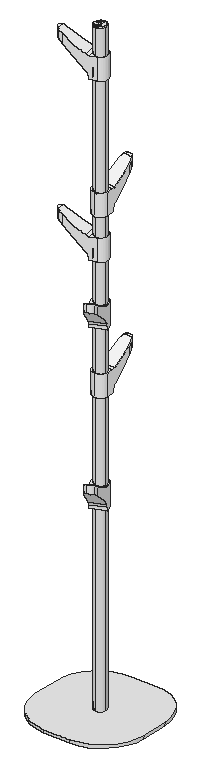
Revit family "Magnuson-Slide-Coat_Tree-1", category Furniture, Revit 2016
Family settings
  OmniClass Number = 23.40.20.00
  OmniClass Title = General Furniture and Specialties
  Work Plane-Based = No
  Always vertical = Yes
  Cut with Voids When Loaded = No
  Shared = No
  Room Calculation Point = No
Parameters (values of type "SLIDE G1")
  Width = 11 13/16"
  URL = "www.magnusongroup.com"
  Type Comments = "Coat Trees"  # constant formula
  Salvage or Reuse = no
  Post Finish = MAG-Paint Steel White
  Percentage of Recycled Content = 0
  Model = "SLIDE G1"
  Manufacturer = "Magnuson Group"  # constant formula
  Low Emitting Material = yes
  Low Emitting Finish = yes
  Revit File Built By = "https://servex-us.com/servex-revit/"
  Keynote = "12500"
  Hook Finish = MAG-Plastic White
  Height = 67 5/8"
  Dist Hook = 5.90556"
  Description = "Single painted steel coat tree with 6 plastic hooks"
  Depth = 11.811"
  Cap Finish = MAG-Paint Steel White
  Base Finish = MAG-Paint Steel White
  B3 = and(Width = 33 15/32", Depth = 9 13/16")  # no
  B2 = and(Width = 21 41/64", Depth = 9 13/16")  # no
  B1 = and(Width = 11 13/16")  # yes
  Assembly Code = "E2020200"
  #Hook = 2
Types (4): name | Width | Model | Dist Hook | Description | Depth | B3 | B2 | B1 | #Hook
  (no name) | 11 13/16" | "SLIDE G1" | 5.90556" | "Single painted steel coat tree with 6 plastic hooks" | 11.811" | no | no | yes | 2
  SLIDE G1 | 11 13/16" | "SLIDE G1" | 5.90556" | "Single painted steel coat tree with 6 plastic hooks" | 11.811" | no | no | yes | 2
  SLIDE G2 | 21 41/64" | "SLIDE G2" | 4 59/64" | "Double painted steel coat tree with 12 plastic hooks" | 9 13/16" | no | yes | no | 2
  SLIDE G3 | 33 15/32" | "SLIDE G3" | 4 59/64" | "Triple painted steel coat tree with 18 plastic hooks" | 9 13/16" | yes | no | no | 3
Reference planes (in)
  plane 1 "Center Front/Back": y = 0
  plane 2: z = 0
  plane 3 "Center Left/Right": x = 0
  plane 4: y = 5.9055
  plane 5: y = -5.9055
  plane 6: z = 0.31496
  plane 7: z = 67.34007
  plane 8: x = 11.8125
  plane 9: x = 5.90625
Dimensions and locks (in)
  locked: plane 6 to plane 2 at 0.31496
  equal spacing: plane 3 "Center Left/Right", plane 9, plane 8
  equal spacing: plane 4, plane 1 "Center Front/Back", plane 5
  "Depth": plane 4 to plane 5
  "Width": plane 3 "Center Left/Right" to plane 8
  group 1 to group 2 = 0.00139"
  group 1 to group 2 = 0"  (x2)
  "Dist Hook": plane 3 "Center Left/Right" to nested 1
  "Dist Hook": nested 2 to plane 8
  aligned and locked: level to plane 2
  aligned and locked: plane 1 "Center Front/Back" to nested 2
  aligned and locked: plane 1 "Center Front/Back" to nested 1
  aligned and locked: plane 1 "Center Front/Back" to nested 3
Nested families (in)
  nested 1: "Hook" at (5.90556, 0, 0), Cap Finish <- "Cap Finish", Hook Finish <- "Hook Finish", Post Finish <- "Post Finish", type "Hook"
    with Post Finish MAG-Paint Steel White, Hook Finish MAG-Plastic White, Cap Finish MAG-Paint Steel White
  nested 2: "Hook" at (5.90694, 0, 0), Cap Finish <- "Cap Finish", Hook Finish <- "Hook Finish", Post Finish <- "Post Finish", type "Hook"
    with Post Finish MAG-Paint Steel White, Hook Finish MAG-Plastic White, Cap Finish MAG-Paint Steel White
  nested 3: "Base" at (0, 0, 0), B1 <- "B1", B2 <- "B2", B3 <- "B3", Base Finish <- "Base Finish", type "Base"
    with Base Finish MAG-Paint Steel White, B3 no, B2 no, B1 yes
Definition of nested family "Hook"
  Parameters (values of type "Hook")
    Post Finish [instance] = none
    Hook Finish [instance] = none
    Cap Finish [instance] = none
  Reference planes (in)
    plane 1 "Center (Front/Back)": y = 0
    plane 2: z = 0
    plane 3 "Center (Left/Right)": x = 0
    plane 4: z = 0.31496
    plane 5: z = 67.24396
    plane 6: z = 67.34007
  Forms (in)
    Extrusion 1, solid, material <- "Hook Finish"
      sketch origin (0, -0.00889, 0) x (1, 0, 0) y (0, 1, 0)
        loop
          arc (-0.81367, -0.00357) -> (0, -0.80487) -> (0.81367, -0.00357) r 0.81376
          arc (0.81367, -0.00357) -> (0.77892, 1.6415) -> (0.62451, 3.27967) r 22.59002
          arc (0.62451, 3.27967) -> (0.57436, 3.50418) -> (0.48508, 3.7162) r 1.28856
          arc (0.48508, 3.7162) -> (0, 4.00791) -> (-0.48508, 3.7162) r 0.54916
          arc (-0.48508, 3.7162) -> (-0.57436, 3.50418) -> (-0.62451, 3.27967) r 1.28856
          arc (-0.62451, 3.27967) -> (-0.77892, 1.6415) -> (-0.81367, -0.00357) r 22.59002
        loop
          circle (0, 0.00889) r 0.61695
      from 48.82973 to 53.06031
    Extrusion 2, void
      sketch origin (0, -0.00889, 0) x (0, 1, 0) y (0, 0, 1)
        loop
          arc (4.06991, 52.17166) -> (2.49424, 50.93037) -> (1.00103, 49.59103) r 31.40408
          arc (1.00103, 49.59103) -> (0.85702, 49.40935) -> (0.76776, 49.19538) r 0.84577
          arc (0.76776, 49.19538) -> (0.73088, 48.97636) -> (0.73423, 48.75429) r 1.2227
          line (0.73423, 48.75429) -> (4.06991, 48.75429) -> (4.06991, 52.17166)
        loop
          arc (3.7662, 52.8329) -> (3.91051, 52.90212) -> (4.06991, 52.91658) r 0.45088
          line (4.06991, 52.91658) -> (4.06991, 53.12969) -> (-0.92451, 53.12969) -> (-0.92451, 51.13029) -> (0.70548, 51.13029)
          arc (0.70548, 51.13029) -> (0.87214, 51.14904) -> (1.03046, 51.20435) r 0.75
          arc (1.03046, 51.20435) -> (2.4345, 51.95786) -> (3.7662, 52.8329) r 17.95374
      from -1 to 1
    Extrusion 3, solid, material <- "Hook Finish"
      sketch origin (0.00866, 0.00202, 13.31168) x (-0.227272, 0.973831, 0) y (-0.973831, -0.227272, 0)
        loop
          arc (-0.81367, -0.00357) -> (0, -0.80487) -> (0.81367, -0.00357) r 0.81376
          arc (0.81367, -0.00357) -> (0.77892, 1.6415) -> (0.62451, 3.27967) r 22.59002
          arc (0.62451, 3.27967) -> (0.57436, 3.50418) -> (0.48508, 3.7162) r 1.28856
          arc (0.48508, 3.7162) -> (0, 4.00791) -> (-0.48508, 3.7162) r 0.54916
          arc (-0.48508, 3.7162) -> (-0.57436, 3.50418) -> (-0.62451, 3.27967) r 1.28856
          arc (-0.62451, 3.27967) -> (-0.77892, 1.6415) -> (-0.81367, -0.00357) r 22.59002
        loop
          circle (0, 0.00889) r 0.61695
      from 48.82973 to 53.06031
    Extrusion 4, void
      sketch origin (0.00866, 0.00202, 13.31168) x (-0.973831, -0.227272, 0) y (0, 0, 1)
        loop
          arc (4.06991, 52.17166) -> (2.49424, 50.93037) -> (1.00103, 49.59103) r 31.40408
          arc (1.00103, 49.59103) -> (0.85702, 49.40935) -> (0.76776, 49.19538) r 0.84577
          arc (0.76776, 49.19538) -> (0.73088, 48.97636) -> (0.73423, 48.75429) r 1.2227
          line (0.73423, 48.75429) -> (4.06991, 48.75429) -> (4.06991, 52.17166)
        loop
          arc (3.7662, 52.8329) -> (3.91051, 52.90212) -> (4.06991, 52.91658) r 0.45088
          line (4.06991, 52.91658) -> (4.06991, 53.12969) -> (-0.92451, 53.12969) -> (-0.92451, 51.13029) -> (0.70548, 51.13029)
          arc (0.70548, 51.13029) -> (0.87214, 51.14904) -> (1.03046, 51.20435) r 0.75
          arc (1.03046, 51.20435) -> (2.4345, 51.95786) -> (3.7662, 52.8329) r 17.95374
      from -1 to 1
    Extrusion 5, solid, material <- "Hook Finish"
      sketch origin (0, -0.00889, -17.70964) x (1, 0, 0) y (0, 1, 0)
        loop
          arc (-0.81367, -0.00357) -> (0, -0.80487) -> (0.81367, -0.00357) r 0.81376
          arc (0.81367, -0.00357) -> (0.77892, 1.6415) -> (0.62451, 3.27967) r 22.59002
          arc (0.62451, 3.27967) -> (0.57436, 3.50418) -> (0.48508, 3.7162) r 1.28856
          arc (0.48508, 3.7162) -> (0, 4.00791) -> (-0.48508, 3.7162) r 0.54916
          arc (-0.48508, 3.7162) -> (-0.57436, 3.50418) -> (-0.62451, 3.27967) r 1.28856
          arc (-0.62451, 3.27967) -> (-0.77892, 1.6415) -> (-0.81367, -0.00357) r 22.59002
        loop
          circle (0, 0.00889) r 0.61695
      from 48.82973 to 53.06031
    Extrusion 6, void
      sketch origin (0, -0.00889, -17.70964) x (0, 1, 0) y (0, 0, 1)
        loop
          arc (4.06991, 52.17166) -> (2.49424, 50.93037) -> (1.00103, 49.59103) r 31.40408
          arc (1.00103, 49.59103) -> (0.85702, 49.40935) -> (0.76776, 49.19538) r 0.84577
          arc (0.76776, 49.19538) -> (0.73088, 48.97636) -> (0.73423, 48.75429) r 1.2227
          line (0.73423, 48.75429) -> (4.06991, 48.75429) -> (4.06991, 52.17166)
        loop
          arc (3.7662, 52.8329) -> (3.91051, 52.90212) -> (4.06991, 52.91658) r 0.45088
          line (4.06991, 52.91658) -> (4.06991, 53.12969) -> (-0.92451, 53.12969) -> (-0.92451, 51.13029) -> (0.70548, 51.13029)
          arc (0.70548, 51.13029) -> (0.87214, 51.14904) -> (1.03046, 51.20435) r 0.75
          arc (1.03046, 51.20435) -> (2.4345, 51.95786) -> (3.7662, 52.8329) r 17.95374
      from -1 to 1
    Extrusion 7, solid, material <- "Hook Finish"
      sketch origin (0.00866, 0.00202, -4.40644) x (-0.227272, 0.973831, 0) y (-0.973831, -0.227272, 0)
        loop
          arc (-0.81367, -0.00357) -> (0, -0.80487) -> (0.81367, -0.00357) r 0.81376
          arc (0.81367, -0.00357) -> (0.77892, 1.6415) -> (0.62451, 3.27967) r 22.59002
          arc (0.62451, 3.27967) -> (0.57436, 3.50418) -> (0.48508, 3.7162) r 1.28856
          arc (0.48508, 3.7162) -> (0, 4.00791) -> (-0.48508, 3.7162) r 0.54916
          arc (-0.48508, 3.7162) -> (-0.57436, 3.50418) -> (-0.62451, 3.27967) r 1.28856
          arc (-0.62451, 3.27967) -> (-0.77892, 1.6415) -> (-0.81367, -0.00357) r 22.59002
        loop
          circle (0, 0.00889) r 0.61695
      from 48.82973 to 53.06031
    Extrusion 8, void
      sketch origin (0.00866, 0.00202, -4.40644) x (-0.973831, -0.227272, 0) y (0, 0, 1)
        loop
          arc (4.06991, 52.17166) -> (2.49424, 50.93037) -> (1.00103, 49.59103) r 31.40408
          arc (1.00103, 49.59103) -> (0.85702, 49.40935) -> (0.76776, 49.19538) r 0.84577
          arc (0.76776, 49.19538) -> (0.73088, 48.97636) -> (0.73423, 48.75429) r 1.2227
          line (0.73423, 48.75429) -> (4.06991, 48.75429) -> (4.06991, 52.17166)
        loop
          arc (3.7662, 52.8329) -> (3.91051, 52.90212) -> (4.06991, 52.91658) r 0.45088
          line (4.06991, 52.91658) -> (4.06991, 53.12969) -> (-0.92451, 53.12969) -> (-0.92451, 51.13029) -> (0.70548, 51.13029)
          arc (0.70548, 51.13029) -> (0.87214, 51.14904) -> (1.03046, 51.20435) r 0.75
          arc (1.03046, 51.20435) -> (2.4345, 51.95786) -> (3.7662, 52.8329) r 17.95374
      from -1 to 1
    Extrusion 9, solid, material <- "Hook Finish"
      sketch origin (-0.00359, 0.00813, -10.96476) x (-0.914769, -0.403978, 0) y (0.403978, -0.914769, 0)
        loop
          arc (-0.81367, -0.00357) -> (0, -0.80487) -> (0.81367, -0.00357) r 0.81376
          arc (0.81367, -0.00357) -> (0.77892, 1.6415) -> (0.62451, 3.27967) r 22.59002
          arc (0.62451, 3.27967) -> (0.57436, 3.50418) -> (0.48508, 3.7162) r 1.28856
          arc (0.48508, 3.7162) -> (0, 4.00791) -> (-0.48508, 3.7162) r 0.54916
          arc (-0.48508, 3.7162) -> (-0.57436, 3.50418) -> (-0.62451, 3.27967) r 1.28856
          arc (-0.62451, 3.27967) -> (-0.77892, 1.6415) -> (-0.81367, -0.00357) r 22.59002
        loop
          circle (0, 0.00889) r 0.61695
      from 48.82973 to 53.06031
    Extrusion 10, void
      sketch origin (-0.00359, 0.00813, -10.96476) x (0.403978, -0.914769, 0) y (0, 0, 1)
        loop
          arc (4.06991, 52.17166) -> (2.49424, 50.93037) -> (1.00103, 49.59103) r 31.40408
          arc (1.00103, 49.59103) -> (0.85702, 49.40935) -> (0.76776, 49.19538) r 0.84577
          arc (0.76776, 49.19538) -> (0.73088, 48.97636) -> (0.73423, 48.75429) r 1.2227
          line (0.73423, 48.75429) -> (4.06991, 48.75429) -> (4.06991, 52.17166)
        loop
          arc (3.7662, 52.8329) -> (3.91051, 52.90212) -> (4.06991, 52.91658) r 0.45088
          line (4.06991, 52.91658) -> (4.06991, 53.12969) -> (-0.92451, 53.12969) -> (-0.92451, 51.13029) -> (0.70548, 51.13029)
          arc (0.70548, 51.13029) -> (0.87214, 51.14904) -> (1.03046, 51.20435) r 0.75
          arc (1.03046, 51.20435) -> (2.4345, 51.95786) -> (3.7662, 52.8329) r 17.95374
      from -1 to 1
    Extrusion 11, solid, material <- "Hook Finish"
      sketch origin (-0.00359, 0.00813, -28.68011) x (-0.914769, -0.403978, 0) y (0.403978, -0.914769, 0)
        loop
          arc (-0.81367, -0.00357) -> (0, -0.80487) -> (0.81367, -0.00357) r 0.81376
          arc (0.81367, -0.00357) -> (0.77892, 1.6415) -> (0.62451, 3.27967) r 22.59002
          arc (0.62451, 3.27967) -> (0.57436, 3.50418) -> (0.48508, 3.7162) r 1.28856
          arc (0.48508, 3.7162) -> (0, 4.00791) -> (-0.48508, 3.7162) r 0.54916
          arc (-0.48508, 3.7162) -> (-0.57436, 3.50418) -> (-0.62451, 3.27967) r 1.28856
          arc (-0.62451, 3.27967) -> (-0.77892, 1.6415) -> (-0.81367, -0.00357) r 22.59002
        loop
          circle (0, 0.00889) r 0.61695
      from 48.82973 to 53.06031
    Extrusion 12, void
      sketch origin (-0.00359, 0.00813, -28.68011) x (0.403978, -0.914769, 0) y (0, 0, 1)
        loop
          arc (4.06991, 52.17166) -> (2.49424, 50.93037) -> (1.00103, 49.59103) r 31.40408
          arc (1.00103, 49.59103) -> (0.85702, 49.40935) -> (0.76776, 49.19538) r 0.84577
          arc (0.76776, 49.19538) -> (0.73088, 48.97636) -> (0.73423, 48.75429) r 1.2227
          line (0.73423, 48.75429) -> (4.06991, 48.75429) -> (4.06991, 52.17166)
        loop
          arc (3.7662, 52.8329) -> (3.91051, 52.90212) -> (4.06991, 52.91658) r 0.45088
          line (4.06991, 52.91658) -> (4.06991, 53.12969) -> (-0.92451, 53.12969) -> (-0.92451, 51.13029) -> (0.70548, 51.13029)
          arc (0.70548, 51.13029) -> (0.87214, 51.14904) -> (1.03046, 51.20435) r 0.75
          arc (1.03046, 51.20435) -> (2.4345, 51.95786) -> (3.7662, 52.8329) r 17.95374
      from -1 to 1
    Extrusion 13, solid, material <- "Post Finish"
      sketch origin (0, 0, 0) x (1, 0, 0) y (0, 1, 0)
        loop
          circle (0, 0) r 0.61695
      from 0.31496 to 67.24396
    Revolve 14, solid, material <- "Cap Finish"
      sketch origin (0, 0, 0) x (0, 1, 0) y (0, 0, 1)
        loop
          arc (0.5932, 67.30679) -> (0.29707, 67.33175) -> (0, 67.34007) r 5.30331
          line (0, 67.34007) -> (0, 67.24396) -> (0.61815, 67.24396) -> (0.61815, 67.27888)
          arc (0.61815, 67.27888) -> (0.61101, 67.2976) -> (0.5932, 67.30679) r 0.02809
        axis (0, 67.34007) -> (0, 67.24396)
      angle from 0 to 360
  Cuts and joins
    Extrusion 2 cuts Extrusion 1
    Extrusion 4 cuts Extrusion 3
    Extrusion 6 cuts Extrusion 5
    Extrusion 8 cuts Extrusion 7
    Extrusion 10 cuts Extrusion 9
    Extrusion 12 cuts Extrusion 11
  Lines and regions (in)
    symbolic lines
      curve 1: arc (-0.62451, 3.27078, 0) -> (-0.75758, 1.96116, 0) -> (-0.81415, 0.64602, 0) r 22.59002
      curve 2: arc (-0.48508, 3.70731, 0) -> (-0.57436, 3.49529, 0) -> (-0.62451, 3.27078, 0) r 1.28856
      curve 3: arc (0.48508, 3.70731, 0) -> (0, 3.99902, 0) -> (-0.48508, 3.70731, 0) r 0.54916
      curve 4: arc (0.62451, 3.27078, 0) -> (0.57436, 3.49529, 0) -> (0.48508, 3.70731, 0) r 1.28856
      curve 5: arc (0.81367, -0.01246, 0) -> (0.77892, 1.63261, 0) -> (0.62451, 3.27078, 0) r 22.59002
      curve 6: arc (0.19705, -0.78954, 0) -> (0.79247, 0.18495, 0) -> (-0.17279, 0.79521, 0) r 0.81376
      curve 7: arc (-0.17279, 0.79521, 0) -> (-1.76691, 0.38749, 0) -> (-3.32712, -0.13519, 0) r 22.59002
      curve 8: arc (-3.04325, -1.35153, 0) -> (-1.41286, -1.12958, 0) -> (0.19705, -0.78954, 0) r 22.59002
      curve 9: arc (-3.50005, -1.31495, 0) -> (-3.27329, -1.35371, 0) -> (-3.04325, -1.35153, 0) r 1.28856
      curve 10: arc (-3.32712, -0.13519, 0) -> (-3.53436, -0.23506, 0) -> (-3.72054, -0.37019, 0) r 1.28856
      curve 11: arc (-3.72054, -0.37019, 0) -> (-3.89437, -0.90887, 0) -> (-3.50005, -1.31495, 0) r 0.54916
      curve 12: arc (1.89261, -2.73972, 0) -> (1.40425, -1.26528, 0) -> (0.81574, 0.1721, 0) r 22.59002
      curve 13: arc (1.05394, -3.58729, 0) -> (1.61552, -3.65818, 0) -> (1.9414, -3.19537, 0) r 0.54916
      curve 14: arc (1.9414, -3.19537, 0) -> (1.93742, -2.96536, 0) -> (1.89261, -2.73972, 0) r 1.28856
      curve 15: arc (0.75004, -3.2443, 0) -> (0.88662, -3.42941, 0) -> (1.05394, -3.58729, 0) r 1.28856
      curve 16: arc (-0.4719, -0.94574, 0) -> (0.10593, -2.11263, 0) -> (0.75004, -3.2443, 0) r 22.59002
      curve 17: arc (0, 0.61815, 0) -> (-0.61815, 0, 0) -> (0, -0.61815, 0) r 0.61815
      curve 18: arc (0, -0.61815, 0) -> (0.61815, 0, 0) -> (0, 0.61815, 0) r 0.61815
  Dimensions and locks (in)
    aligned and locked: plane 2 to level
    aligned and locked: Extrusion 13 to plane 4
    aligned and locked: plane 5 to Extrusion 13
    aligned and locked: curve 6 to cut or joined group of Extrusion 3, Extrusion 4
    aligned and locked: curve 7 to cut or joined group of Extrusion 3, Extrusion 4
    aligned and locked: curve 8 to cut or joined group of Extrusion 3, Extrusion 4
    aligned and locked: curve 9 to cut or joined group of Extrusion 3, Extrusion 4
    aligned and locked: curve 10 to cut or joined group of Extrusion 3, Extrusion 4
    aligned and locked: curve 11 to cut or joined group of Extrusion 3, Extrusion 4
    aligned and locked: curve 12 to cut or joined group of Extrusion 9, Extrusion 10
    aligned and locked: curve 13 to cut or joined group of Extrusion 9, Extrusion 10
    aligned and locked: curve 14 to cut or joined group of Extrusion 9, Extrusion 10
    aligned and locked: curve 15 to cut or joined group of Extrusion 9, Extrusion 10
    aligned and locked: curve 16 to cut or joined group of Extrusion 9, Extrusion 10
    aligned and locked: curve 17 to Revolve 14
    aligned and locked: curve 18 to Revolve 14
Definition of nested family "Base"
  Parameters (values of type "Base")
    Base Finish [instance] = none
    B3 [instance] = yes
    B2 [instance] = yes
    B1 [instance] = yes
  Reference planes (in)
    plane 1 "Center (Front/Back)": y = 0
    plane 2: z = 0
    plane 3 "Center (Left/Right)": x = 0
    plane 4: z = 0.31496
  Forms (in)
    Extrusion 1, solid, material <- "Base Finish", visible <- "B2"
      sketch origin (0, 0, 0) x (1, 0, 0) y (0, 1, 0)
        loop
          arc (2.88132, 4.67343) -> (0.97332, 3.82365) -> (0.08238, 1.93452) r 3
          arc (0.08238, 1.93452) -> (0, -0.00236) -> (0.08279, -1.93922) r 22.75419
          arc (0.08279, -1.93922) -> (0.97947, -3.8334) -> (2.89724, -4.67846) r 3
          arc (2.89724, -4.67846) -> (10.82135, -4.90912) -> (18.74543, -4.67779) r 136.03307
          arc (18.74543, -4.67779) -> (20.66308, -3.83263) -> (21.55965, -1.93847) r 3
          arc (21.55965, -1.93847) -> (21.64237, -0.00239) -> (21.56005, 1.9337) r 22.75419
          arc (21.56005, 1.9337) -> (20.66925, 3.82281) -> (18.76138, 4.6727) r 3
          arc (18.76138, 4.6727) -> (10.82136, 4.9252) -> (2.88132, 4.67343) r 125.14525
      from 0 to 0.31496
    Extrusion 2, solid, material <- "Base Finish", visible <- "B3"
      sketch origin (-29.79149, 0, 0) x (1, 0, 0) y (0, 1, 0)
        loop
          line (29.79149, 0.52441) -> (29.79149, -0.52441)
          arc (29.79149, -0.52441) -> (29.82001, -1.18644) -> (29.90537, -1.84355) r 7.69732
          arc (29.90537, -1.84355) -> (30.72839, -3.50093) -> (32.32263, -4.44044) r 3.25
          arc (32.32263, -4.44044) -> (33.3461, -4.64801) -> (34.3838, -4.76537) r 11.94115
          arc (34.3838, -4.76537) -> (36.46619, -4.87304) -> (38.55105, -4.90894) r 60.551
          line (38.55105, -4.90894) -> (54.49642, -4.90894)
          arc (54.49642, -4.90894) -> (56.58128, -4.87304) -> (58.66367, -4.76537) r 60.551
          arc (58.66367, -4.76537) -> (59.70137, -4.64801) -> (60.72485, -4.44044) r 11.94115
          arc (60.72485, -4.44044) -> (62.31908, -3.50093) -> (63.14211, -1.84355) r 3.25
          arc (63.14211, -1.84355) -> (63.22746, -1.18644) -> (63.25598, -0.52441) r 7.69732
          line (63.25598, -0.52441) -> (63.25598, 0.52441)
          arc (63.25598, 0.52441) -> (63.22746, 1.18644) -> (63.14211, 1.84355) r 7.69732
          arc (63.14211, 1.84355) -> (62.31908, 3.50093) -> (60.72485, 4.44044) r 3.25
          arc (60.72485, 4.44044) -> (59.70137, 4.64801) -> (58.66367, 4.76537) r 11.94115
          arc (58.66367, 4.76537) -> (56.58128, 4.87304) -> (54.49642, 4.90894) r 60.551
          line (54.49642, 4.90894) -> (38.55105, 4.90894)
          arc (38.55105, 4.90894) -> (36.46619, 4.87304) -> (34.3838, 4.76537) r 60.551
          arc (34.3838, 4.76537) -> (33.3461, 4.64801) -> (32.32263, 4.44044) r 11.94115
          arc (32.32263, 4.44044) -> (30.72839, 3.50093) -> (29.90537, 1.84355) r 3.25
          arc (29.90537, 1.84355) -> (29.82001, 1.18644) -> (29.79149, 0.52441) r 7.69732
      from 0 to 0.31494
    Extrusion 3, solid, material <- "Base Finish", visible <- "B1"
      sketch origin (5.90556, 0, 0) x (1, 0, 0) y (0, 1, 0)
        loop
          arc (-1.40556, 5.9055) -> (-4.58754, 4.58748) -> (-5.90556, 1.4055) r 4.5
          line (-5.90556, 1.4055) -> (-5.90556, -1.4055)
          arc (-5.90556, -1.4055) -> (-4.58754, -4.58748) -> (-1.40556, -5.9055) r 4.5
          line (-1.40556, -5.9055) -> (1.40694, -5.9055)
          arc (1.40694, -5.9055) -> (4.58892, -4.58748) -> (5.90694, -1.4055) r 4.5
          line (5.90694, -1.4055) -> (5.90694, 1.4055)
          arc (5.90694, 1.4055) -> (4.58892, 4.58748) -> (1.40694, 5.9055) r 4.5
          line (1.40694, 5.9055) -> (-1.40556, 5.9055)
      from 0 to 0.31496
  Lines and regions (in)
    symbolic lines, visible <- "B1"
      curve 1: line (7.3125, 5.9055, 0) -> (4.5, 5.9055, 0)
      curve 2: arc (4.5, 5.9055, 0) -> (1.31802, 4.58748, 0) -> (0, 1.4055, 0) r 4.5
      curve 3: line (0, 1.4055, 0) -> (0, -1.4055, 0)
      curve 4: arc (0, -1.4055, 0) -> (1.31802, -4.58748, 0) -> (4.5, -5.9055, 0) r 4.5
      curve 5: line (4.5, -5.9055, 0) -> (7.3125, -5.9055, 0)
      curve 6: arc (7.3125, -5.9055, 0) -> (10.49448, -4.58748, 0) -> (11.8125, -1.4055, 0) r 4.5
      curve 7: line (11.8125, -1.4055, 0) -> (11.8125, 1.4055, 0)
      curve 8: arc (11.8125, 1.4055, 0) -> (10.49448, 4.58748, 0) -> (7.3125, 5.9055, 0) r 4.5
    symbolic lines, visible <- "B2"
      curve 9: arc (18.76138, 4.6727, 0) -> (10.82136, 4.9252, 0) -> (2.88132, 4.67343, 0) r 125.14525
      curve 10: arc (2.88132, 4.67343, 0) -> (0.97332, 3.82365, 0) -> (0.08238, 1.93452, 0) r 3
      curve 11: arc (0.08238, 1.93452, 0) -> (0, -0.00236, 0) -> (0.08279, -1.93922, 0) r 22.75419
      curve 12: arc (0.08279, -1.93922, 0) -> (0.97947, -3.8334, 0) -> (2.89724, -4.67846, 0) r 3
      curve 13: arc (2.89724, -4.67846, 0) -> (10.82135, -4.90912, 0) -> (18.74543, -4.67779, 0) r 136.03307
      curve 14: arc (18.74543, -4.67779, 0) -> (20.66308, -3.83263, 0) -> (21.55965, -1.93847, 0) r 3
      curve 15: arc (21.55965, -1.93847, 0) -> (21.64237, -0.00239, 0) -> (21.56005, 1.9337, 0) r 22.75419
      curve 16: arc (21.56005, 1.9337, 0) -> (20.66925, 3.82281, 0) -> (18.76138, 4.6727, 0) r 3
    symbolic lines, visible <- "B3"
      curve 17: line (24.70493, 4.90894, 0) -> (8.75956, 4.90894, 0)
      curve 18: arc (8.75956, 4.90894, 0) -> (6.6747, 4.87304, 0) -> (4.59232, 4.76537, 0) r 60.551
      curve 19: arc (4.59232, 4.76537, 0) -> (3.55461, 4.64801, 0) -> (2.53114, 4.44044, 0) r 11.94115
      curve 20: arc (2.53114, 4.44044, 0) -> (0.9369, 3.50093, 0) -> (0.11388, 1.84355, 0) r 3.25
      curve 21: arc (0.11388, 1.84355, 0) -> (0.02852, 1.18644, 0) -> (0, 0.52441, 0) r 7.69732
      curve 22: line (0, 0.52441, 0) -> (0, -0.52441, 0)
      curve 23: arc (0, -0.52441, 0) -> (0.02852, -1.18644, 0) -> (0.11388, -1.84355, 0) r 7.69732
      curve 24: arc (0.11388, -1.84355, 0) -> (0.9369, -3.50093, 0) -> (2.53114, -4.44044, 0) r 3.25
      curve 25: arc (2.53114, -4.44044, 0) -> (3.55461, -4.64801, 0) -> (4.59232, -4.76537, 0) r 11.94115
      curve 26: arc (4.59232, -4.76537, 0) -> (6.6747, -4.87304, 0) -> (8.75956, -4.90894, 0) r 60.551
      curve 27: line (8.75956, -4.90894, 0) -> (24.70493, -4.90894, 0)
      curve 28: arc (24.70493, -4.90894, 0) -> (26.78979, -4.87304, 0) -> (28.87218, -4.76537, 0) r 60.551
      curve 29: arc (28.87218, -4.76537, 0) -> (29.90988, -4.64801, 0) -> (30.93336, -4.44044, 0) r 11.94115
      curve 30: arc (30.93336, -4.44044, 0) -> (32.52759, -3.50093, 0) -> (33.35062, -1.84355, 0) r 3.25
      curve 31: arc (33.35062, -1.84355, 0) -> (33.43597, -1.18644, 0) -> (33.46449, -0.52441, 0) r 7.69732
      curve 32: line (33.46449, -0.52441, 0) -> (33.46449, 0.52441, 0)
      curve 33: arc (33.46449, 0.52441, 0) -> (33.43597, 1.18644, 0) -> (33.35062, 1.84355, 0) r 7.69732
      curve 34: arc (33.35062, 1.84355, 0) -> (32.52759, 3.50093, 0) -> (30.93336, 4.44044, 0) r 3.25
      curve 35: arc (30.93336, 4.44044, 0) -> (29.90988, 4.64801, 0) -> (28.87218, 4.76537, 0) r 11.94115
      curve 36: arc (28.87218, 4.76537, 0) -> (26.78979, 4.87304, 0) -> (24.70493, 4.90894, 0) r 60.551
  Dimensions and locks (in)
    aligned and locked: plane 2 to level
    aligned and locked: plane 4 to Extrusion 1
    aligned and locked: Extrusion 1 to plane 2
    aligned and locked: curve 1 to Extrusion 3
    aligned and locked: curve 2 to Extrusion 3
    aligned and locked: curve 3 to Extrusion 3
    aligned and locked: curve 4 to Extrusion 3
    aligned and locked: curve 5 to Extrusion 3
    aligned and locked: curve 6 to Extrusion 3
    aligned and locked: curve 7 to Extrusion 3
    aligned and locked: curve 8 to Extrusion 3
    aligned and locked: curve 9 to Extrusion 1
    aligned and locked: curve 10 to Extrusion 1
    aligned and locked: curve 11 to Extrusion 1
    aligned and locked: curve 12 to Extrusion 1
    aligned and locked: curve 13 to Extrusion 1
    aligned and locked: curve 14 to Extrusion 1
    aligned and locked: curve 15 to Extrusion 1
    aligned and locked: curve 16 to Extrusion 1
    aligned and locked: curve 17 to Extrusion 2
    aligned and locked: curve 18 to Extrusion 2
    aligned and locked: curve 19 to Extrusion 2
    aligned and locked: curve 20 to Extrusion 2
    aligned and locked: curve 21 to Extrusion 2
    aligned and locked: curve 22 to Extrusion 2
    aligned and locked: curve 23 to Extrusion 2
    aligned and locked: curve 24 to Extrusion 2
    aligned and locked: curve 25 to Extrusion 2
    aligned and locked: curve 26 to Extrusion 2
    aligned and locked: curve 27 to Extrusion 2
    aligned and locked: curve 28 to Extrusion 2
    aligned and locked: curve 29 to Extrusion 2
    aligned and locked: curve 30 to Extrusion 2
    aligned and locked: curve 31 to Extrusion 2
    aligned and locked: curve 32 to Extrusion 2
    aligned and locked: curve 33 to Extrusion 2
    aligned and locked: curve 34 to Extrusion 2
    aligned and locked: curve 35 to Extrusion 2
    aligned and locked: curve 36 to Extrusion 2
